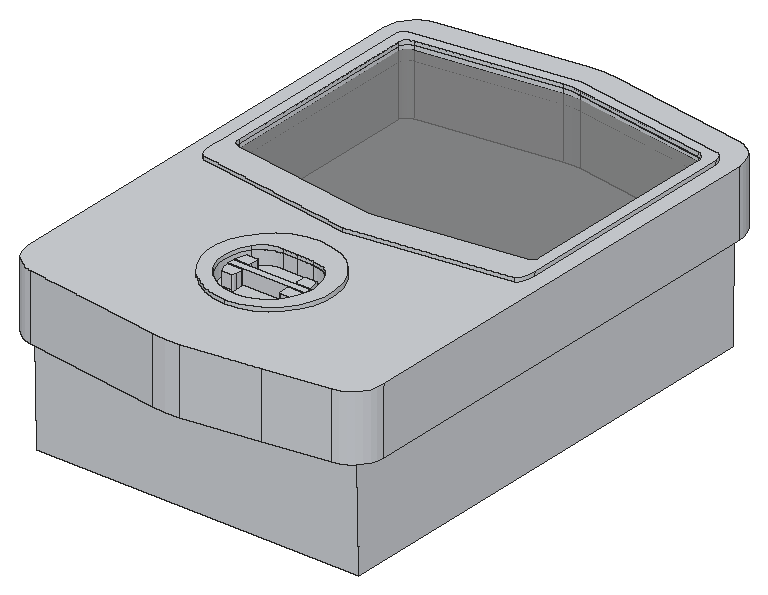
Revit family "Building-ElectricalVehicleCharging-GEWISS-JOINON-ICON_PREMIUM", category Apparecchi elettrici, host Superficie, Revit 2019
Family settings
  Host = Superficie
  Mantenere orientamento annotazione = Sì
  Quota connettore circolare = Usa diametro
  Tipo di parte = Normale
  Taglio con vuoti quando caricato = No
  Condiviso = No
  Punto di calcolo locali = Sì
Parameters (values of type "GWJ3303A - WB ICON PREM.A. AUT. DLM 11 kW T2S IP55")
  visibilita posizionamento 2d [instance] = yes
  simbolo acceso [instance] = yes
  oggetto in pianta [instance] = not(visibilita posizionamento 2d)  # no
  distanza_simbolo [instance] = 1 mm
  distanza dal piano [instance] = 10 mm
  W = 115 mm  # constant formula
  Voltaggio = 0 V
  Version file RFA = "19.4"
  VETRO = Vetro
  URL = "https://www.gewiss.com/ww/en"
  Type of residual current protection = "Currently not present"
  Type of Socket = "Type 2 vandal-proof with shutter"
  Total power: = "11 Chilowatt"
  Thermal-magnetic protection = "Currently not present"
  Terminal blocks: = "5 x 10 mm²"
  Spostamento_effettivo_S [instance] = 4000 mm - Spostamento_S  # 2500 mm
  Spostamento_S = 1500 mm
  Socket/Connector Nr. (Type) = "1 (Type 2 socket, with shutters)"
  Simbolo circuito [instance] = not(simbolo acceso)  # no
  Shock resistance = "IK10"
  STRUTTURA ALTA = blue
  STRUTTURA = RAL - 7035
  Realized by GEWISS S.p.A. = ""
  Rated voltage = "400 Volt"
  Rated insulation voltage (Ui) = "400 Volt"
  Rated current: = "16 Ampere"
  RFID = ""
  Protection : = "DC Leak 6mA"
  Default Elevation = 1219.2 mm
  Produttore = "GEWISS S.p.A."
  Power meter = "Currently not present"
  PRESA = Giallo
  POMELLO = bianco
  Operating temperature: = "-25 +50 °C"
  OUTPUT : = "-"
  N.poli = 1
  N. of sockets Type 2 = "1"
  Mouting and installation = "Wall mounting (floor mounting with support)"
  Modello = "GWJ3303A"
  Mechanical characteristics = "-"
  Max power = "11 Chilowatt"
  Material = "Thermoplastic (Post-industrial origin)"
  L = 155 mm  # constant formula
  Immagine tipo = ICON_PREMIUM.jpg
  IP degree = "IP55"
  INPUT: = "-"
  IDF = "800cf01c-04c2-4cf7-a3a7-c80ef5fabb57"
  Human Interface = "LED RGB + slide touch display"
  FORMULA = 1000 mm * 1  # 1000 mm
  External treatments = "No"
  Energy meter = ""
  Electrocod = ""
  Descrizione = "WB ICON PREM.A. AUT. DLM 11 kW T2S IP55"
  DC Leakage check = "Yes"
  Customizations: = "No"
  Current supplied (max): = "16 Ampere"
  Connectivity: = "BLE"
  Colour = "Dark grey"
  Charging power = "11 kW"
  Charging activation = "Free access, with dynamic load management"
  COBie.Tagnumber = ""
  COBie.CreatedOn = ""
  COBie.CreatebBy = ""
  COBie.ComponentRegisterItemID = ""
  COBie.Component.TagNumber = ""
  COBie.Component.Space = ""
  COBie.Component.SerialNumber = ""
  COBie.Component.InstallationDate = ""
  COBie.Component.Description = ""
  COBie.Component.BarCode = ""
  BLOCCO = "B=C"
  AMBILIGHT = "Yes"
  (Auto)restart electrical protections = "Currently not present"
Types (12, lengths in mm): name | Total power: | Terminal blocks: | Socket/Connector Nr. (Type) | Rated voltage | Rated insulation voltage (Ui) | Rated current: | RFID | Power meter | Modello | Max power | Energy meter | Descrizione | Current supplied (max): | Connectivity: | Charging power | Charging activation | AMBILIGHT
  GWJ3301A - WB ICON PREM.A. AUT. DLM 4 kW T2S IP55 | "4,6 Chilowatt" | "3 x 10 mm²" | "1 (Type 2 socket, with shutters)" | "230 Volt" | "230 Volt" | "20 Ampere" | "" | "Currently not present" | "GWJ3301A" | "4,6 Chilowatt" | "" | "WB ICON PREM.A. AUT. DLM 4 kW T2S IP55" | "20 Ampere" | "BLE" | "4,6 kW" | "Free access, with dynamic load management" | "Yes"
  GWJ3302A - WB ICON PREM.A. AUT. DLM 7 kW T2S IP55 | "7,4 Chilowatt" | "3 x 10 mm²" | "1 (Type 2 socket, with shutters)" | "230 Volt" | "230 Volt" | "32 Ampere" | "" | "Currently not present" | "GWJ3302A" | "7,4 Chilowatt" | "" | "WB ICON PREM.A. AUT. DLM 7 kW T2S IP55" | "32 Ampere" | "BLE" | "7,4 kW" | "Free access, with dynamic load management" | "Yes"
  GWJ3303A - WB ICON PREM.A. AUT. DLM 11 kW T2S IP55 | "11 Chilowatt" | "5 x 10 mm²" | "1 (Type 2 socket, with shutters)" | "400 Volt" | "400 Volt" | "16 Ampere" | "" | "Currently not present" | "GWJ3303A" | "11 Chilowatt" | "" | "WB ICON PREM.A. AUT. DLM 11 kW T2S IP55" | "16 Ampere" | "BLE" | "11 kW" | "Free access, with dynamic load management" | "Yes"
  GWJ3201A - WB ICON PREM. AUT. DLM 4 kW T2S IP55 | "4,6 Chilowatt" | "3 x 10 mm²" | "1 (Type 2 socket, with shutters)" | "230 Volt" | "230 Volt" | "20 Ampere" | "" | "Currently not present" | "GWJ3201A" | "4,6 Chilowatt" | "" | "WB ICON PREM. AUT. DLM 4 kW T2S IP55" | "20 Ampere" | "BLE" | "4,6 kW" | "Free access" | ""
  GWJ3202A - WB ICON PREM. AUT. DLM 7 kW T2S IP55 | "7,4 Chilowatt" | "3 x 10 mm²" | "1 (Type 2 socket, with shutters)" | "230 Volt" | "230 Volt" | "32 Ampere" | "" | "Currently not present" | "GWJ3202A" | "7,4 Chilowatt" | "" | "WB ICON PREM. AUT. DLM 7 kW T2S IP55" | "32 Ampere" | "BLE" | "7,4 kW" | "Free access" | ""
  GWJ3203A - WB ICON PREM. AUT. DLM 11 kW T2S IP55 | "11 Chilowatt" | "5 x 10 mm²" | "1 (Type 2 socket, with shutters)" | "400 Volt" | "400 Volt" | "16 Ampere" | "" | "Currently not present" | "GWJ3203A" | "11 Chilowatt" | "" | "WB ICON PREM. AUT. DLM 11 kW T2S IP55" | "16 Ampere" | "BLE" | "11 kW" | "Free access" | ""
  GWJ3202R - WB ICON PREM. RFID 7 kW T2S IP55 | "7,4 Chilowatt" | "3 x 10 mm²" | "1(Type 2 vandal-proof socket, with shutters)" | "230 Volt" | "230 Volt" | "32 Ampere" | "Yes" | "YES (MID)" | "GWJ3202R" | "7,4 Chilowatt" | "YES (MID)" | "WB ICON PREM. RFID 7 kW T2S IP55" | "32 Ampere" | "No" | "7,4 kW" | "Locally managed, via RFID" | ""
  GWJ3204R - WB ICON PREM. RFID 22 kW T2S IP55 | "22 Chilowatt" | "5 x 10 mm²" | "1(Type 2 vandal-proof socket, with shutters)" | "400 Volt" | "400 Volt" | "32 Ampere" | "Yes" | "YES (MID)" | "GWJ3204R" | "22 Chilowatt" | "YES (MID)" | "WB ICON PREM. RFID 22 kW T2S IP55" | "32 Ampere" | "No" | "22 kW" | "Locally managed, via RFID" | ""
  GWJ3202L - WB ICON PREM. RFID 7 kW T2S IP55 - ETH | "7,4 Chilowatt" | "3 x 10 mm²" | "1(Type 2 vandal-proof socket, with shutters)" | "230 Volt" | "230 Volt" | "32 Ampere" | "Yes" | "YES (MID)" | "GWJ3202L" | "7,4 Chilowatt" | "YES (MID)" | "WB ICON PREM. RFID 7 kW T2S IP55 - ETH" | "32 Ampere" | "LAN" | "7,4 kW" | "Remotely managed, via OCPP 1.6J" | ""
  GWJ3204L - WB ICON PREM. RFID 22 kW T2S IP55 - ETH | "22 Chilowatt" | "5 x 10 mm²" | "1(Type 2 vandal-proof socket, with shutters)" | "400 Volt" | "400 Volt" | "32 Ampere" | "Yes" | "YES (MID)" | "GWJ3204L" | "22 Chilowatt" | "YES (MID)" | "WB ICON PREM. RFID 22 kW T2S IP55 - ETH" | "32 Ampere" | "LAN" | "22 kW" | "Remotely managed, via OCPP 1.6J" | ""
  GWJ3202W - WB ICON PREM. RFID 7 kW T2S IP55 - 4G | "7,4 Chilowatt" | "3 x 10 mm²" | "1(Type 2 vandal-proof socket, with shutters)" | "230 Volt" | "230 Volt" | "32 Ampere" | "Yes" | "YES (MID)" | "GWJ3202W" | "7,4 Chilowatt" | "YES (MID)" | "WB ICON PREM. RFID 7 kW T2S IP55 - 4G" | "32 Ampere" | "LAN,4G" | "7,4 kW" | "Remotely managed, via OCPP 1.6J" | ""
  GWJ3204W - WB ICON PREM. RFID 22 kW T2S IP55 - 4G | "22 Chilowatt" | "5 x 10 mm²" | "1(Type 2 vandal-proof socket, with shutters)" | "400 Volt" | "400 Volt" | "32 Ampere" | "Yes" | "YES (MID)" | "GWJ3204W" | "22 Chilowatt" | "YES (MID)" | "WB ICON PREM. RFID 22 kW T2S IP55 - 4G" | "32 Ampere" | "LAN,4G" | "22 kW" | "Remotely managed, via OCPP 1.6J" | ""
Reference planes
  plane 1 "Centro (Fronte/Retro)": y = 0
  plane 2: z = 0
  plane 3 "Centro (Sinistra/Destra)": x = 0
  plane 4: x = -3000
  plane 5: x = -500
  plane 6: z = 10
Dimensions and locks
  plane 4 to plane 3 "Centro (Sinistra/Destra)" = 3000 mm
  "Spostamento_effettivo_S": plane 4 to plane 5
  "distanza dal piano": plane 6 to plane 2
  aligned and locked: plane 2 to host face
  aligned and locked: level to host face
  aligned and locked: nested 2 to plane 5
Automatic sketch dimensions
  host sketch curve to host sketch curve = 2438.4 mm  (x2)
Nested families
  nested 1: "BASE_I-CON CON PRESA FISSA" at (0, 0, 0), type "BASE_I-CON CON PRESA FISSA"
  nested 2: "simb_ev_o3" at (-500, 214.941, 0), Distanza dal muro <- "distanza_simbolo", type "2P"
    with Distanza dal muro 1 mm
Connectors
  electrical at (0.281, 219.499, 0)
    settings: on nested 1, index 1, voltage 0 V, apparent load 0 VA, apparent load phase1 0 VA, apparent load phase2 0 VA, apparent load phase3 0 VA, power factor 1, load classification "Altro", number of poles 1, system type 31, power factor state 1, is connector primary yes, connector utility no, sub classification motor no, connector description ""
Definition of nested family "BASE_I-CON CON PRESA FISSA"
  Parameters (values of type "BASE_I-CON CON PRESA FISSA")
    POTENZA IN WOLT = 0 V
    N_POLI = 1
    CENTRALE = none
  Reference planes
    plane 1 "Centro (Fronte/Retro)": y = 0
    plane 2: z = 0
    plane 3 "Centro (Sinistra/Destra)": x = 0
    plane 4 "EEE": through (4267.2, -291.041, 143.375) normal (0, -0.788, -0.6157)
    plane 5: x = 48
    plane 6: x = -141.324
    plane 7: x = 141.324
    plane 8: x = -136.646
    plane 9: x = 136.646
    plane 10: x = -127.947
    plane 11: x = 128.509
    plane 12: z = 133.866
    plane 13: z = 125.731
    plane 14: z = 137
    plane 15: z = 140
    plane 16: y = 104.612
    plane 17: z = 84.731
  Forms (mm)
    Extrusion 1, solid, not visible
      sketch origin (0, 200.09, -256.103) x (0, 1, 0) y (0, 0, 1)
        loop
          line (-322.202, 218.222) -> (-266.481, 146.902) -> (-251.685, 146.876) -> (-251.685, 134.073) -> (-238.63, 134.073) -> (-238.63, 266.073) -> (-251.685, 266.073) -> (-251.685, 242.988) -> (-260.817, 242.988)
          arc (-260.817, 242.988) -> (-271.303, 241.907) -> (-281.357, 238.739) r 51.89
          line (-281.357, 238.739) -> (-239.989, 200.756)
          arc (-239.989, 200.756) -> (-243.657, 186.196) -> (-258.66, 185.608) r 12.53
          arc (-258.66, 185.608) -> (-277.82, 196.415) -> (-294.049, 211.266) r 96.883
          arc (-294.049, 211.266) -> (-301.135, 220.206) -> (-308.19, 229.17) r 3334.308
          line (-308.19, 229.17) -> (-322.202, 218.222)
      from 0 to 71
    Extrusion 2, solid, not visible
      sketch origin (0, 200.09, -256.103) x (0, 1, 0) y (0, 0, 1)
        loop
          arc (-313.71, 246.882) -> (-293.021, 210.103) -> (-258.66, 185.608) r 96.883
          arc (-258.66, 185.608) -> (-243.657, 186.196) -> (-239.989, 200.756) r 12.53
          line (-239.989, 200.756) -> (-280.857, 238.28)
          arc (-280.857, 238.28) -> (-296.734, 241.043) -> (-310.55, 249.339) r 43.984
          line (-310.55, 249.339) -> (-313.71, 246.882)
      from 0 to 71
    Extrusion 3, solid, not visible
      sketch origin (0, 200.09, -256.103) x (0, 1, 0) y (0, 0, 1)
        loop
          line (-322.202, 218.222) -> (-338.825, 205.235) -> (-290.465, 143.337)
          arc (-290.465, 143.337) -> (-278.287, 143.866) -> (-266.482, 146.903) r 58.569
          line (-266.482, 146.903) -> (-322.202, 218.222)
      from 0 to 71
    Extrusion 4, solid, not visible
      sketch origin (2.5, 142.247, -281.955) x (0, 0.615661, -0.788011) y (1, 0, 0)
        loop
          circle (-320.903, 33.712) r 30
      from 79.145 to 104.145
    Extrusion 5, solid, not visible
      sketch origin (0, 0, 0) x (0, 1, 0) y (0, 0, 1)
        loop
          line (-38.54, 9.97) -> (-38.54, -124.428) -> (-37.165, -124.428) -> (-37.165, 9.97) -> (-38.54, 9.97)
      from 0 to 71
    Extrusion 6, solid
      sketch origin (0, 0, 0) x (1, 0, 0) y (0, 1, 0)
        loop
          line (69.781, 10.962) -> (119.713, 17.98)
          arc (119.713, 17.98) -> (135.166, 26.37) -> (141.324, 42.84) r 25.105
          line (141.324, 42.84) -> (141.324, 396.518)
          arc (141.324, 396.518) -> (135.166, 412.988) -> (119.713, 421.378) r 25.105
          line (119.713, 421.378) -> (11.149, 436.636)
          arc (11.149, 436.636) -> (0.281, 437.396) -> (-10.588, 436.636) r 78.094
          line (-10.588, 436.636) -> (-119.713, 421.299)
          arc (-119.713, 421.299) -> (-135.166, 412.909) -> (-141.324, 396.439) r 25.105
          line (-141.324, 396.439) -> (-141.324, 42.919)
          arc (-141.324, 42.919) -> (-135.166, 26.449) -> (-119.713, 18.059) r 25.105
          line (-119.713, 18.059) -> (-10.857, 2.76)
          arc (-10.857, 2.76) -> (0.011, 1.992) -> (10.88, 2.744) r 78.094
          line (10.88, 2.744) -> (69.781, 10.962)
      from 84.731 to 137
    Extrusion 7, void
      sketch origin (0, 0, 0) x (1, 0, 0) y (0, 1, 0)
        loop
          line (-6.412, 405.303) -> (-112.823, 390.348)
          arc (-112.823, 390.348) -> (-117.747, 387.674) -> (-119.71, 382.426) r 8
          line (-119.71, 382.426) -> (-119.71, 224.237)
          arc (-119.71, 224.237) -> (-117.993, 219.644) -> (-113.684, 217.305) r 7
          line (-113.684, 217.305) -> (-6.599, 202.255)
          arc (-6.599, 202.255) -> (0.29, 201.773) -> (7.179, 202.255) r 49.5
          line (7.179, 202.255) -> (114.265, 217.305)
          arc (114.265, 217.305) -> (118.573, 219.644) -> (120.29, 224.237) r 7
          line (120.29, 224.237) -> (120.29, 382.426)
          arc (120.29, 382.426) -> (118.328, 387.674) -> (113.404, 390.348) r 8
          line (113.404, 390.348) -> (6.992, 405.303)
          arc (6.992, 405.303) -> (0.29, 405.772) -> (-6.412, 405.303) r 48.155
      from 84.731 to 137
    Extrusion 8, solid
      sketch origin (0, 0, 0) x (1, 0, 0) y (0, 1, 0)
        loop
          arc (-112.823, 390.348) -> (-117.747, 387.674) -> (-119.71, 382.426) r 8
          line (-119.71, 382.426) -> (-119.71, 224.237)
          arc (-119.71, 224.237) -> (-117.993, 219.644) -> (-113.684, 217.305) r 7
          line (-113.684, 217.305) -> (-6.599, 202.255)
          arc (-6.599, 202.255) -> (0.29, 201.773) -> (7.179, 202.255) r 49.5
          line (7.179, 202.255) -> (114.265, 217.305)
          arc (114.265, 217.305) -> (118.573, 219.644) -> (120.29, 224.237) r 7
          line (120.29, 224.237) -> (120.29, 382.426)
          arc (120.29, 382.426) -> (118.328, 387.674) -> (113.404, 390.348) r 8
          line (113.404, 390.348) -> (6.992, 405.303)
          arc (6.992, 405.303) -> (0.29, 405.772) -> (-6.412, 405.303) r 48.155
          line (-6.412, 405.303) -> (-112.823, 390.348)
      from 125.731 to 133.866
    Extrusion 9, solid
      sketch origin (0, 0, 0) x (1, 0, 0) y (0, 1, 0)
        loop
          line (-124.082, 195.284) -> (0.281, 177.806) -> (123.363, 195.104)
          spline (123.363, 195.104) -> (124.156, 195.312) -> (124.89, 195.698) -> (125.561, 196.261) -> (126.169, 196.998) -> (126.709, 197.908) -> (127.182, 198.987) -> (127.584, 200.231) -> (127.916, 201.637) -> (128.174, 203.199) -> (128.36, 204.912) -> (128.472, 206.77) -> (128.509, 208.768)
          line (128.509, 208.768) -> (128.509, 388.713)
          spline (128.509, 388.713) -> (128.452, 389.903) -> (128.28, 391.028) -> (127.995, 392.083) -> (127.598, 393.062) -> (127.091, 393.959) -> (126.477, 394.77) -> (125.76, 395.491) -> (124.942, 396.117) -> (124.028, 396.646) -> (123.023, 397.075) -> (121.933, 397.402) -> (120.762, 397.624)
          line (120.762, 397.624) -> (0.281, 414.557) -> (-120.2, 397.624)
          spline (-120.2, 397.624) -> (-121.371, 397.402) -> (-122.461, 397.075) -> (-123.466, 396.646) -> (-124.38, 396.117) -> (-125.198, 395.491) -> (-125.916, 394.77) -> (-126.53, 393.959) -> (-127.036, 393.062) -> (-127.433, 392.083) -> (-127.718, 391.028) -> (-127.89, 389.903) -> (-127.947, 388.713)
          line (-127.947, 388.713) -> (-127.947, 217.73)
          spline (-127.947, 217.73) -> (-128.249, 214.663) -> (-128.436, 211.771) -> (-128.508, 209.068) -> (-128.463, 206.57) -> (-128.303, 204.29) -> (-128.027, 202.24) -> (-127.638, 200.43) -> (-127.137, 198.871) -> (-126.528, 197.57) -> (-125.813, 196.536) -> (-124.996, 195.772) -> (-124.082, 195.284)
        loop
          line (-6.412, 405.303) -> (-112.823, 390.348)
          arc (-112.823, 390.348) -> (-117.747, 387.674) -> (-119.71, 382.426) r 8
          line (-119.71, 382.426) -> (-119.71, 224.237)
          arc (-119.71, 224.237) -> (-117.993, 219.644) -> (-113.684, 217.305) r 7
          line (-113.684, 217.305) -> (-6.599, 202.255)
          arc (-6.599, 202.255) -> (0.29, 201.773) -> (7.179, 202.255) r 49.5
          line (7.179, 202.255) -> (114.265, 217.305)
          arc (114.265, 217.305) -> (118.573, 219.644) -> (120.29, 224.237) r 7
          line (120.29, 224.237) -> (120.29, 382.426)
          arc (120.29, 382.426) -> (118.328, 387.674) -> (113.404, 390.348) r 8
          line (113.404, 390.348) -> (6.992, 405.303)
          arc (6.992, 405.303) -> (0.29, 405.772) -> (-6.412, 405.303) r 48.155
      from 137 to 140
    Extrusion 10, solid
      sketch origin (0, 0, 0) x (1, 0, 0) y (0, 1, 0)
        loop
          arc (0, 155.675) -> (-47.265, 108.175) -> (0, 60.676) r 47.5
          arc (0, 60.676) -> (47.265, 108.175) -> (0, 155.675) r 47.5
        loop
          arc (-11.893, 133.359) -> (-22.012, 131.13) -> (-29.648, 124.126) r 19.952
          arc (-29.648, 124.126) -> (-35.161, 105.168) -> (-29.648, 86.209) r 35.357
          arc (-29.648, 86.209) -> (-16.916, 74.227) -> (0, 69.811) r 35.357
          arc (0, 69.811) -> (16.916, 74.227) -> (29.648, 86.209) r 35.357
          arc (29.648, 86.209) -> (35.161, 105.168) -> (29.648, 124.126) r 35.357
          arc (29.648, 124.126) -> (22.012, 131.13) -> (11.893, 133.359) r 19.952
          line (11.893, 133.359) -> (0.235, 133.359) -> (-11.893, 133.359)
      from 137 to 140
    Extrusion 11, void
      sketch origin (0, 0, 0) x (1, 0, 0) y (0, 1, 0)
        loop
          arc (-11.893, 133.359) -> (-22.012, 131.13) -> (-29.648, 124.126) r 19.952
          arc (-29.648, 124.126) -> (-35.161, 105.168) -> (-29.648, 86.209) r 35.357
          arc (-29.648, 86.209) -> (-16.916, 74.227) -> (0, 69.811) r 35.357
          arc (0, 69.811) -> (16.916, 74.227) -> (29.648, 86.209) r 35.357
          arc (29.648, 86.209) -> (35.161, 105.168) -> (29.648, 124.126) r 35.357
          arc (29.648, 124.126) -> (22.012, 131.13) -> (11.893, 133.359) r 19.952
          line (11.893, 133.359) -> (0.235, 133.359) -> (-11.893, 133.359)
      from 125.731 to 137
    Extrusion 12, solid
      sketch origin (0, 0, 0) x (1, 0, 0) y (0, 1, 0)
        loop
          arc (-30.461, 107.982) -> (-30.598, 105.075) -> (-30.461, 102.169) r 30.831
          line (-30.461, 102.169) -> (30.927, 102.169)
          arc (30.927, 102.169) -> (31.064, 105.075) -> (30.927, 107.982) r 30.831
          line (30.927, 107.982) -> (-30.461, 107.982)
        loop
          arc (-27.744, 117.848) -> (-29.421, 113.231) -> (-30.341, 108.406) r 30.755
          line (-30.341, 108.406) -> (-19.76, 108.406)
          arc (-19.76, 108.406) -> (-18.652, 108.865) -> (-18.193, 109.973) r 1.567
          line (-18.193, 109.973) -> (-18.193, 115.844)
          arc (-18.193, 115.844) -> (-18.488, 117.228) -> (-19.76, 117.848) r 1.615
          line (-19.76, 117.848) -> (-27.744, 117.848)
        loop
          line (-27.744, 92.303) -> (-19.76, 92.303)
          arc (-19.76, 92.303) -> (-18.488, 92.923) -> (-18.193, 94.307) r 1.615
          line (-18.193, 94.307) -> (-18.193, 100.178)
          arc (-18.193, 100.178) -> (-18.652, 101.286) -> (-19.76, 101.745) r 1.567
          line (-19.76, 101.745) -> (-30.341, 101.745)
          arc (-30.341, 101.745) -> (-29.421, 96.92) -> (-27.744, 92.303) r 30.755
        loop
          line (27.744, 117.848) -> (19.76, 117.848)
          arc (19.76, 117.848) -> (18.488, 117.228) -> (18.193, 115.844) r 1.615
          line (18.193, 115.844) -> (18.193, 109.973)
          arc (18.193, 109.973) -> (18.652, 108.865) -> (19.76, 108.406) r 1.567
          line (19.76, 108.406) -> (30.341, 108.406)
          arc (30.341, 108.406) -> (29.421, 113.231) -> (27.744, 117.848) r 30.755
        loop
          arc (27.744, 92.303) -> (29.421, 96.92) -> (30.341, 101.745) r 30.755
          line (30.341, 101.745) -> (19.76, 101.745)
          arc (19.76, 101.745) -> (18.652, 101.286) -> (18.193, 100.178) r 1.567
          line (18.193, 100.178) -> (18.193, 94.307)
          arc (18.193, 94.307) -> (18.488, 92.923) -> (19.76, 92.303) r 1.615
          line (19.76, 92.303) -> (27.744, 92.303)
      from 125.731 to 137
    Extrusion 13, solid
      sketch origin (0, 0, 0) x (0, 1, 0) y (0, 0, 1)
        loop
          line (33.569, 0) -> (405.428, 0) -> (406.907, 84.731) -> (32.09, 84.731) -> (33.569, 0)
      from -127.947 to 128.509
  Cuts and joins
    Extrusion 7, Extrusion 11 cuts Extrusion 6
    Extrusion 11 cuts Extrusion 10
  Dimensions and locks
    locked: plane 6 to plane 8 at 4.678
    locked: plane 9 to plane 7 at 4.678
    equal spacing: plane 6, plane 3 "Centro (Sinistra/Destra)", plane 7
    locked: plane 8 to plane 10 at 8.699
    locked: plane 11 to plane 9 at 8.137
    locked: plane 12 to plane 13 at 8.135
    locked: plane 14 to plane 12 at 3.134
    locked: plane 15 to plane 14 at 3
    locked: plane 17 to plane 13 at 41
    plane 15 to level = 140 mm
    aligned and locked: level to plane 2
    aligned and locked: Extrusion 4 to Extrusion 3
    aligned and locked: plane 6 to Extrusion 6 sketch curve
    aligned and locked: Extrusion 6 sketch curve to plane 7
    aligned and locked: Extrusion 6 to Extrusion 7  (x2)
    aligned and locked: cut or joined group of Extrusion 6, Extrusion 7, Extrusion 11 to plane 14
    aligned and locked: plane 14 to Extrusion 9
    aligned and locked: Extrusion 9 to plane 15
    aligned and locked: plane 17 to cut or joined group of Extrusion 6, Extrusion 7, Extrusion 11
    aligned and locked: Extrusion 8 to plane 13
    aligned and locked: plane 12 to Extrusion 8
    aligned and locked: plane 14 to Extrusion 10
    aligned and locked: Extrusion 10 to plane 15
    aligned and locked: Extrusion 6 to Extrusion 11
    aligned and locked: Extrusion 11 to Extrusion 8
    aligned and locked: Extrusion 12 to plane 14
    aligned and locked: Extrusion 12 to plane 13
    aligned and locked: Extrusion 13 sketch curve to level
    aligned and locked: plane 10 to Extrusion 13
    aligned and locked: Extrusion 13 to plane 11
  Automatic sketch dimensions
    Extrusion 6 sketch curve to plane 8 = 16.933 mm  (x2)
    Extrusion 6 sketch curve to plane 8 = 20.427 mm  (x2)
    Extrusion 6 sketch curve to plane 1 "Centro (Fronte/Retro)" = 2.76 mm
    Extrusion 6 sketch curve to plane 3 "Centro (Sinistra/Destra)" = 10.857 mm
    Extrusion 6 sketch curve to plane 3 "Centro (Sinistra/Destra)" = 10.588 mm
    plane 3 "Centro (Sinistra/Destra)" to Extrusion 6 sketch curve = 0.067 mm
    plane 3 "Centro (Sinistra/Destra)" to Extrusion 6 sketch curve = 0.281 mm
    Extrusion 6 sketch curve to plane 1 "Centro (Fronte/Retro)" = 2.744 mm
    plane 3 "Centro (Sinistra/Destra)" to Extrusion 6 sketch curve = 10.88 mm
    plane 3 "Centro (Sinistra/Destra)" to Extrusion 6 sketch curve = 11.149 mm
    plane 9 to Extrusion 6 sketch curve = 20.427 mm  (x2)
    plane 9 to Extrusion 6 sketch curve = 16.933 mm  (x2)
    Extrusion 6 sketch curve to plane 1 "Centro (Fronte/Retro)" = 17.98 mm
    Extrusion 6 sketch curve to plane 1 "Centro (Fronte/Retro)" = 18.059 mm
    Extrusion 6 sketch curve to Extrusion 6 sketch curve = 279.216 mm
    Extrusion 6 sketch curve to Extrusion 6 sketch curve = 37.137 mm
    Extrusion 6 sketch curve to Extrusion 6 sketch curve = 37.216 mm
    Extrusion 6 sketch curve to Extrusion 6 sketch curve = 77.334 mm
    Extrusion 6 sketch curve to plane 5 = 21.781 mm
    Extrusion 6 sketch curve to plane 1 "Centro (Fronte/Retro)" = 10.962 mm
    Extrusion 7 sketch curve to plane 10 = 8.237 mm
    Extrusion 7 sketch curve to Extrusion 7 sketch curve = 6.026 mm
    Extrusion 7 sketch curve to Extrusion 7 sketch curve = 6.887 mm
    Extrusion 7 sketch curve to Extrusion 7 sketch curve = 7 mm
    Extrusion 7 sketch curve to Extrusion 7 sketch curve = 1.113 mm  (x2)
    Extrusion 7 sketch curve to plane 3 "Centro (Sinistra/Destra)" = 6.599 mm
    Extrusion 7 sketch curve to plane 3 "Centro (Sinistra/Destra)" = 6.412 mm
    plane 3 "Centro (Sinistra/Destra)" to Extrusion 7 sketch curve = 0.29 mm  (x2)
    plane 3 "Centro (Sinistra/Destra)" to Extrusion 7 sketch curve = 6.992 mm
    plane 3 "Centro (Sinistra/Destra)" to Extrusion 7 sketch curve = 7.179 mm
    plane 11 to Extrusion 7 sketch curve = 16.218 mm
    plane 11 to Extrusion 7 sketch curve = 15.218 mm
    Extrusion 7 sketch curve to Extrusion 7 sketch curve = 0.974 mm
    Extrusion 7 sketch curve to Extrusion 7 sketch curve = 8 mm
    Extrusion 7 sketch curve to plane 1 "Centro (Fronte/Retro)" = 202.255 mm
    Extrusion 7 sketch curve to Extrusion 7 sketch curve = 15.05 mm  (x2)
    Extrusion 7 sketch curve to Extrusion 7 sketch curve = 49.018 mm
    Extrusion 7 sketch curve to Extrusion 7 sketch curve = 106.344 mm
    Extrusion 7 sketch curve to Extrusion 7 sketch curve = 24.809 mm  (x2)
    Extrusion 7 sketch curve to Extrusion 7 sketch curve = 47.686 mm
    Extrusion 8 sketch curve to plane 10 = 8.237 mm
    Extrusion 8 sketch curve to Extrusion 8 sketch curve = 6.026 mm
    Extrusion 8 sketch curve to Extrusion 8 sketch curve = 6.887 mm
    Extrusion 8 sketch curve to Extrusion 8 sketch curve = 0.974 mm  (x2)
    Extrusion 8 sketch curve to Extrusion 8 sketch curve = 1.113 mm  (x2)
    Extrusion 8 sketch curve to plane 3 "Centro (Sinistra/Destra)" = 6.599 mm
    Extrusion 8 sketch curve to plane 3 "Centro (Sinistra/Destra)" = 6.412 mm
    plane 3 "Centro (Sinistra/Destra)" to Extrusion 8 sketch curve = 0.29 mm  (x2)
    plane 3 "Centro (Sinistra/Destra)" to Extrusion 8 sketch curve = 6.992 mm
    plane 3 "Centro (Sinistra/Destra)" to Extrusion 8 sketch curve = 7.179 mm
    plane 11 to Extrusion 8 sketch curve = 16.218 mm
    plane 11 to Extrusion 8 sketch curve = 15.218 mm
    Extrusion 8 sketch curve to Extrusion 8 sketch curve = 8 mm
    Extrusion 8 sketch curve to plane 1 "Centro (Fronte/Retro)" = 202.255 mm
    Extrusion 8 sketch curve to Extrusion 8 sketch curve = 15.05 mm  (x2)
    Extrusion 8 sketch curve to Extrusion 8 sketch curve = 49.018 mm
    Extrusion 8 sketch curve to Extrusion 8 sketch curve = 106.344 mm
    Extrusion 8 sketch curve to Extrusion 8 sketch curve = 24.809 mm  (x2)
    Extrusion 8 sketch curve to Extrusion 8 sketch curve = 47.686 mm
    Extrusion 9 sketch curve to plane 10 = 0 mm
    Extrusion 9 sketch curve to plane 10 = 3.866 mm
    Extrusion 9 sketch curve to plane 10 = 7.747 mm
    Extrusion 9 sketch curve to plane 10 = 8.237 mm
    Extrusion 9 sketch curve to Extrusion 9 sketch curve = 6.026 mm
    Extrusion 9 sketch curve to Extrusion 9 sketch curve = 7.377 mm
    Extrusion 9 sketch curve to Extrusion 9 sketch curve = 7 mm
    Extrusion 9 sketch curve to Extrusion 9 sketch curve = 1.113 mm  (x2)
    Extrusion 9 sketch curve to plane 3 "Centro (Sinistra/Destra)" = 6.599 mm
    Extrusion 9 sketch curve to plane 3 "Centro (Sinistra/Destra)" = 6.412 mm
    plane 3 "Centro (Sinistra/Destra)" to Extrusion 9 sketch curve = 0.281 mm  (x2)
    plane 3 "Centro (Sinistra/Destra)" to Extrusion 9 sketch curve = 0.29 mm  (x2)
    plane 3 "Centro (Sinistra/Destra)" to Extrusion 9 sketch curve = 6.992 mm
    plane 3 "Centro (Sinistra/Destra)" to Extrusion 9 sketch curve = 7.179 mm
    plane 11 to Extrusion 9 sketch curve = 16.218 mm
    plane 11 to Extrusion 9 sketch curve = 15.218 mm
    Extrusion 9 sketch curve to Extrusion 9 sketch curve = 0.974 mm
    Extrusion 9 sketch curve to Extrusion 9 sketch curve = 8 mm
    plane 11 to Extrusion 9 sketch curve = 7.747 mm
    plane 11 to Extrusion 9 sketch curve = 5.146 mm
    Extrusion 9 sketch curve to plane 11 = 0 mm
    Extrusion 9 sketch curve to plane 1 "Centro (Fronte/Retro)" = 177.806 mm
    Extrusion 9 sketch curve to Extrusion 9 sketch curve = 17.298 mm
    Extrusion 9 sketch curve to Extrusion 9 sketch curve = 17.478 mm
    Extrusion 9 sketch curve to Extrusion 9 sketch curve = 24.449 mm
    Extrusion 9 sketch curve to Extrusion 9 sketch curve = 13.664 mm
    Extrusion 9 sketch curve to Extrusion 9 sketch curve = 22.021 mm
    Extrusion 9 sketch curve to Extrusion 9 sketch curve = 8.537 mm
    Extrusion 9 sketch curve to Extrusion 9 sketch curve = 6.507 mm
    Extrusion 9 sketch curve to Extrusion 9 sketch curve = 49.018 mm
    Extrusion 9 sketch curve to Extrusion 9 sketch curve = 106.344 mm
    Extrusion 9 sketch curve to Extrusion 9 sketch curve = 24.809 mm  (x2)
    Extrusion 9 sketch curve to Extrusion 9 sketch curve = 6.287 mm  (x2)
    Extrusion 9 sketch curve to Extrusion 9 sketch curve = 7.276 mm  (x2)
    Extrusion 9 sketch curve to Extrusion 9 sketch curve = 47.686 mm
    Extrusion 9 sketch curve to Extrusion 9 sketch curve = 9.254 mm
    Extrusion 9 sketch curve to Extrusion 9 sketch curve = 0.098 mm
    Extrusion 9 sketch curve to plane 10 = 21.226 mm
    Extrusion 9 sketch curve to Extrusion 9 sketch curve = 5.546 mm
    Extrusion 9 sketch curve to Extrusion 9 sketch curve = 19.752 mm
    plane 11 to Extrusion 9 sketch curve = 21.787 mm
    Extrusion 9 sketch curve to Extrusion 9 sketch curve = 5.564 mm
    Extrusion 9 sketch curve to Extrusion 9 sketch curve = 0.621 mm
    plane 11 to Extrusion 9 sketch curve = 2.031 mm
    Extrusion 10 sketch curve to Extrusion 10 sketch curve = 0 mm  (x6)
    Extrusion 10 sketch curve to plane 3 "Centro (Sinistra/Destra)" = 0 mm  (x3)
    Extrusion 10 sketch curve to plane 3 "Centro (Sinistra/Destra)" = 0.196 mm
    Extrusion 10 sketch curve to plane 3 "Centro (Sinistra/Destra)" = 0.235 mm
    Extrusion 10 sketch curve to plane 3 "Centro (Sinistra/Destra)" = 11.893 mm
    Extrusion 10 sketch curve to plane 16 = 8.817 mm  (x2)
    Extrusion 10 sketch curve to plane 3 "Centro (Sinistra/Destra)" = 12.808 mm
    plane 3 "Centro (Sinistra/Destra)" to Extrusion 10 sketch curve = 0.196 mm
    plane 3 "Centro (Sinistra/Destra)" to Extrusion 10 sketch curve = 0.235 mm  (x2)
    Extrusion 10 sketch curve to Extrusion 10 sketch curve = 11.658 mm
    plane 3 "Centro (Sinistra/Destra)" to Extrusion 10 sketch curve = 12.808 mm
    Extrusion 10 sketch curve to plane 16 = 3.564 mm
    Extrusion 10 sketch curve to plane 16 = 0.556 mm
    Extrusion 10 sketch curve to Extrusion 10 sketch curve = 19.931 mm
    Extrusion 10 sketch curve to plane 3 "Centro (Sinistra/Destra)" = 29.648 mm
    plane 5 to Extrusion 10 sketch curve = 18.352 mm
    Extrusion 10 sketch curve to Extrusion 10 sketch curve = 9.135 mm
    Extrusion 11 sketch curve to Extrusion 11 sketch curve = 0 mm  (x6)
    Extrusion 11 sketch curve to plane 3 "Centro (Sinistra/Destra)" = 0 mm
    Extrusion 11 sketch curve to plane 3 "Centro (Sinistra/Destra)" = 0.196 mm
    Extrusion 11 sketch curve to plane 3 "Centro (Sinistra/Destra)" = 11.893 mm
    Extrusion 11 sketch curve to plane 3 "Centro (Sinistra/Destra)" = 12.808 mm
    plane 3 "Centro (Sinistra/Destra)" to Extrusion 11 sketch curve = 0.196 mm
    plane 3 "Centro (Sinistra/Destra)" to Extrusion 11 sketch curve = 0.235 mm
    Extrusion 11 sketch curve to Extrusion 11 sketch curve = 11.658 mm
    Extrusion 11 sketch curve to plane 16 = 8.817 mm  (x2)
    plane 3 "Centro (Sinistra/Destra)" to Extrusion 11 sketch curve = 12.808 mm
    Extrusion 11 sketch curve to plane 16 = 0.556 mm
    Extrusion 11 sketch curve to Extrusion 11 sketch curve = 19.931 mm
    Extrusion 11 sketch curve to plane 3 "Centro (Sinistra/Destra)" = 29.648 mm
    plane 5 to Extrusion 11 sketch curve = 18.352 mm
    Extrusion 12 sketch curve to Extrusion 12 sketch curve = 0 mm  (x12)
    Extrusion 12 sketch curve to plane 16 = 3.371 mm
    Extrusion 12 sketch curve to plane 3 "Centro (Sinistra/Destra)" = 30.461 mm
    plane 16 to Extrusion 12 sketch curve = 2.443 mm
    Extrusion 12 sketch curve to Extrusion 12 sketch curve = 0.12 mm  (x2)
    Extrusion 12 sketch curve to Extrusion 12 sketch curve = 2.597 mm  (x3)
    Extrusion 12 sketch curve to Extrusion 12 sketch curve = 7.984 mm  (x3)
    plane 16 to Extrusion 12 sketch curve = 4.434 mm  (x2)
    Extrusion 12 sketch curve to Extrusion 12 sketch curve = 10.581 mm
    Extrusion 12 sketch curve to Extrusion 12 sketch curve = 1.567 mm  (x6)
    Extrusion 12 sketch curve to plane 3 "Centro (Sinistra/Destra)" = 0.233 mm
    plane 3 "Centro (Sinistra/Destra)" to Extrusion 12 sketch curve = 0.233 mm
    plane 3 "Centro (Sinistra/Destra)" to Extrusion 12 sketch curve = 18.193 mm
    Extrusion 12 sketch curve to plane 16 = 11.232 mm
    Extrusion 12 sketch curve to plane 16 = 3.794 mm  (x2)
    Extrusion 12 sketch curve to Extrusion 12 sketch curve = 0.586 mm
    Extrusion 12 sketch curve to Extrusion 12 sketch curve = 5.871 mm  (x2)
    Extrusion 12 sketch curve to Extrusion 12 sketch curve = 0.389 mm  (x2)
    Extrusion 12 sketch curve to Extrusion 12 sketch curve = 2.004 mm
    plane 17 to Extrusion 13 sketch curve = 0 mm
    Extrusion 13 sketch curve to plane 1 "Centro (Fronte/Retro)" = 32.09 mm
    Extrusion 13 sketch curve to plane 1 "Centro (Fronte/Retro)" = 33.569 mm
    Extrusion 13 sketch curve to plane 16 = 300.816 mm
    Extrusion 13 sketch curve to Extrusion 13 sketch curve = 1.479 mm
Definition of nested family "simb_ev_o3"
  Parameters (values of type "EV")
    Distanza dal muro [instance] = 0 mm
  Types (3, lengths in mm): name | Distanza dal muro
    EV | 0
    3P | 3.301
    2P | 0
  Reference planes
    plane 1: y = 0
    plane 2: x = 0
  Dimensions and locks
    "Distanza dal muro": plane 1 to nested 1
    aligned and locked: plane 2 to nested 1
  Nested families
    nested 1: "SImb_EV_o3_base" at (0, 0, 0), type "3P"
      with CORNICE SIMBOLO yes
  Definition of nested family "SImb_EV_o3_base"
    Parameters (values of type "3P")
      testo = ""
      CORNICE SIMBOLO [instance] = yes
      3P = yes
    Types (2, lengths in mm): name | 3P
      3P | yes
      2P | no
    Reference planes
      plane 1: y = 0
      plane 2: x = 0
    Lines and regions (mm)
      detail lines
        curve 1: line (0.645, 0.045, 0) -> (-0.732, 0.045, 0)
        curve 2: line (0.645, 0.045, 0) -> (0.645, 2.795, 0)
        curve 3: line (0.645, 2.795, 0) -> (0.968, 2.795, 0)
        curve 4: line (0.968, 2.795, 0) -> (0.968, 3.204, 0)
        curve 5: line (0.968, 3.204, 0) -> (-1.499, 3.204, 0)
        curve 6: line (-1.499, 3.204, 0) -> (-1.499, 2.795, 0)
        curve 7: line (-1.499, 2.795, 0) -> (-0.732, 2.795, 0)
        curve 8: line (-0.732, 2.795, 0) -> (-0.732, 0.045, 0)
        curve 9: line (-0.732, 1.043, 0) -> (-0.996, 1.043, 0)
        curve 10: line (-0.996, 1.043, 0) -> (-0.996, 2.529, 0)
        curve 11: line (-1.247, 2.529, 0) -> (-1.247, 0.882, 0)
        curve 12: line (-1.247, 0.882, 0) -> (-0.996, 0.582, 0)
        curve 13: line (-0.996, 0.582, 0) -> (-0.996, 0.279, 0)
        curve 14: line (-0.996, 0.279, 0) -> (-1.446, 0.279, 0)
        curve 15: line (-1.446, 0.279, 0) -> (-1.446, 0.624, 0)
        curve 16: line (-1.446, 0.624, 0) -> (-1.247, 0.882, 0)
        curve 17: line (-1.119, 0.279, 0) -> (-1.119, -0.005, 0)
        curve 18: line (-1.361, 0.279, 0) -> (-1.361, -0.005, 0)
        curve 19: line (0.435, 0.206, 0) -> (-0.53, 0.206, 0)
        curve 20: line (0.435, 0.923, 0) -> (0.435, 0.206, 0)
        curve 21: line (-0.53, 0.923, 0) -> (0.435, 0.923, 0)
        curve 22: line (-0.53, 0.206, 0) -> (-0.53, 0.923, 0)
        curve 23: line (-0.996, 2.529, 0) -> (-1.247, 2.529, 0)
    Text (mm)
      text "EV" at (-0.114, 2.712, 0)
